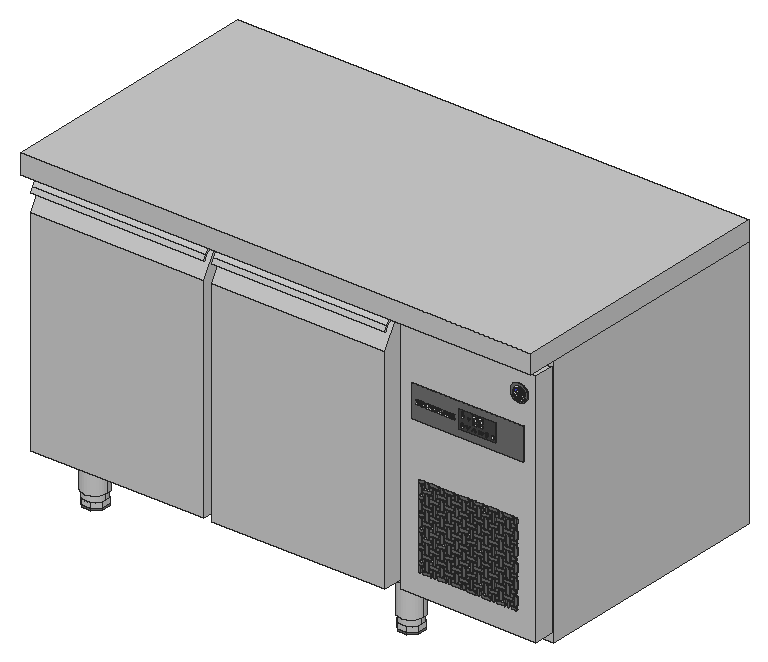
Revit family "QF_HOSHIZAKI_889000822", category Specialty Equipment, Revit 2016 (continued)
Definition of nested family "QF_HOSHIZAKI_ADVANCE_REF-COUNTER-DOORS-DRAWERS"
  Nested families
    nested 6: "Right_Glass_Door" at (0, 0, 0), Section size <- "Section size", type "Right glass door"
      with Worktop thickness 40 mm, Section size 446 mm, Legs height 0 mm, Height Actual 750 mm, Depth Actual 0 mm
    nested 7: "Left_Glass_Door" at (0, 0, 0), Section size <- "Section size", type "Left glass door"
      with Worktop thickness 40 mm, Section size 446 mm, Legs height 0 mm, Height Actual 750 mm, Depth Actual 0 mm
  Definition of nested family "Right_Door"
    Parameters (values of type "Right door")
      Worktop thickness [instance] = 50 mm
      URL = "www.specifiglobal.com"
      Section size [instance] = 446 mm
      Right hand hinged door = yes
      Model = ""
      Manufacturer = "DEMO CONSULTANT"
      Legs height [instance] = 150 mm
      Height Actual [instance] = 850 mm
      Description = ""
      Depth Actual [instance] = 700 mm
      Assembly Code = "E1090320"
    Reference planes
      plane 1 "Back": y = 0
      plane 2: z = 0
      plane 3 "Left": x = 0
      plane 4 "Right": x = 446
      plane 5 "Front": y = -700
      plane 6 "Top": z = 850
      plane 7 "Front door": y = -633
      plane 8 "Bottom shelf": z = 150
      plane 9 "Worktop bottom": z = 800
      plane 10: z = 784
      plane 11: z = 170
    Forms (mm)
      Extrusion 1, solid, visible <- "Right hand hinged door", detail levels coarse
        sketch origin (0, -608.657, 170) x (0, 1, 0) y (-1, 0, 0)
          loop
            arc (-85.343, 0) -> (-400.712, -130.63) -> (-531.343, -446) r 446
            line (-531.343, -446) -> (-85.343, -446) -> (-85.343, 0)
        from 0 to 614
      Extrusion 2, solid, visible <- "Right hand hinged door"
        sketch origin (860, -633, 4000) x (-1, 0, 0) y (0, 0, 1)
          loop
            line (852, -3224) -> (422, -3224) -> (422, -3822) -> (852, -3822) -> (852, -3224)
          loop
            line (823, -3253) -> (451, -3253) -> (451, -3793) -> (823, -3793) -> (823, -3253)
        from 0 to -11
      Extrusion 3, solid, visible <- "Right hand hinged door"
        sketch origin (0, 0, 0) x (0, 1, 0) y (0, 0, 1)
          loop
            line (-644, 784) -> (-675.296, 784)
            arc (-675.296, 784) -> (-683.245, 781.721) -> (-688.778, 775.576) r 15
            line (-688.778, 775.576) -> (-694, 764.869) -> (-692.202, 763.992) -> (-686.981, 774.699)
            arc (-686.981, 774.699) -> (-682.185, 780.025) -> (-675.296, 782) r 13
            line (-675.296, 782) -> (-656.484, 782) -> (-694, 717.02) -> (-694, 170) -> (-644, 170) -> (-644, 784)
        from 0 to 446
    Lines and regions (mm)
      symbolic lines, visible <- "Right hand hinged door"
        curve 1: line (446, -700, 850) -> (446, -1140, 850)
        curve 2: arc (0.04, -700, 850) -> (132.759, -1011.484, 850) -> (446, -1140, 850) r 446
    Dimensions and locks
      "Section size": plane 3 "Left" to plane 4 "Right"
      "Depth Actual": plane 5 "Front" to plane 1 "Back"
      "Height Actual": plane 6 "Top" to level
      locked: plane 7 "Front door" to plane 5 "Front" at 67
      "Legs height": plane 8 "Bottom shelf" to plane 2
      "Worktop thickness": plane 6 "Top" to plane 9 "Worktop bottom"
      locked: plane 11 to plane 8 "Bottom shelf" at 20
      locked: plane 9 "Worktop bottom" to plane 10 at 16
      aligned and locked: level to plane 2
      aligned and locked: Extrusion 1 to plane 10
      aligned and locked: Extrusion 3 to plane 4 "Right"
      aligned and locked: curve 2 to Extrusion 1
      aligned and locked: plane 10 to Extrusion 3 sketch curve
      aligned and locked: Extrusion 3 sketch curve to plane 11
    Automatic sketch dimensions
      plane 4 "Right" to Extrusion 2 sketch curve = 8 mm
      plane 4 "Right" to Extrusion 2 sketch curve = 37 mm
      plane 3 "Left" to Extrusion 2 sketch curve = 37 mm
      plane 3 "Left" to Extrusion 2 sketch curve = 8 mm
      plane 11 to Extrusion 2 sketch curve = 8 mm
      plane 11 to Extrusion 2 sketch curve = 37 mm
      Extrusion 2 sketch curve to plane 10 = 37 mm
      Extrusion 2 sketch curve to plane 10 = 8 mm
      Extrusion 1 sketch curve to plane 4 "Right" = 0 mm
      Extrusion 1 sketch curve to plane 3 "Left" = 0 mm
      plane 5 "Front" to Extrusion 1 sketch curve = 6 mm
      curve 1 to plane 5 "Front" = 0 mm
      curve 2 to plane 5 "Front" = 0 mm
      Extrusion 3 sketch curve to Extrusion 3 sketch curve = 0 mm  (x2)
      Extrusion 3 sketch curve to plane 7 "Front door" = 61 mm  (x2)
      Extrusion 3 sketch curve to Extrusion 3 sketch curve = 1.798 mm  (x2)
      Extrusion 3 sketch curve to plane 10 = 8.424 mm
      Extrusion 3 sketch curve to Extrusion 3 sketch curve = 5.222 mm
      Extrusion 3 sketch curve to plane 10 = 9.301 mm
      Extrusion 3 sketch curve to plane 7 "Front door" = 42.296 mm
      Extrusion 3 sketch curve to plane 7 "Front door" = 23.484 mm
      Extrusion 3 sketch curve to Extrusion 3 sketch curve = 12.484 mm
      Extrusion 3 sketch curve to Extrusion 3 sketch curve = 46.972 mm
  Definition of nested family "Left_Door"
    Parameters (values of type "Left door")
      Worktop thickness [instance] = 50 mm
      URL = "www.specifiglobal.com"
      Section size [instance] = 450 mm
      Model = ""
      Manufacturer = "DEMO CONSULTANT"
      Legs height [instance] = 150 mm
      Left hand hinged door = yes
      Height Actual [instance] = 850 mm
      Description = ""
      Depth Actual [instance] = 700 mm
      Assembly Code = "E1090320"
    Reference planes
      plane 1 "Back": y = 0
      plane 2: z = 0
      plane 3 "Left": x = 0
      plane 4 "Right": x = 450
      plane 5 "Front": y = -700
      plane 6 "Top": z = 850
      plane 7 "Front door": y = -633
      plane 8 "Bottom shelf": z = 150
      plane 9 "Worktop bottom": z = 800
      plane 10: z = 784
      plane 11: z = 170
    Forms (mm)
      Extrusion 1, solid, visible <- "Left hand hinged door"
        sketch origin (860, -633, 4000) x (-1, 0, 0) y (0, 0, 1)
          loop
            line (852, -3224) -> (418, -3224) -> (418, -3822) -> (852, -3822) -> (852, -3224)
          loop
            line (823, -3253) -> (447, -3253) -> (447, -3793) -> (823, -3793) -> (823, -3253)
        from 0 to -11
      Extrusion 2, solid, visible <- "Left hand hinged door"
        sketch origin (0, 0, 0) x (0, 1, 0) y (0, 0, 1)
          loop
            line (-644, 784) -> (-675.296, 784)
            arc (-675.296, 784) -> (-683.245, 781.721) -> (-688.778, 775.576) r 15
            line (-688.778, 775.576) -> (-694, 764.869) -> (-692.202, 763.992) -> (-686.981, 774.699)
            arc (-686.981, 774.699) -> (-682.185, 780.025) -> (-675.296, 782) r 13
            line (-675.296, 782) -> (-656.484, 782) -> (-694, 717.02) -> (-694, 170) -> (-644, 170) -> (-644, 784)
        from 0 to 450
      Extrusion 3, solid, visible <- "Left hand hinged door", detail levels coarse
        sketch origin (0, -608.657, 170) x (0, 1, 0) y (-1, 0, 0)
          loop
            line (-85.343, -450) -> (-85.343, 0) -> (-535.343, 0)
            arc (-535.343, 0) -> (-403.541, -318.198) -> (-85.343, -450) r 450
        from 0 to 614
    Lines and regions (mm)
      symbolic lines, visible <- "Left hand hinged door"
        curve 1: line (0, -700, 850) -> (0, -1144, 850)
        curve 2: arc (0, -1144, 850) -> (316.07, -1014.312, 850) -> (449.96, -700, 850) r 450
    Dimensions and locks
      "Section size": plane 3 "Left" to plane 4 "Right"
      "Depth Actual": plane 5 "Front" to plane 1 "Back"
      "Height Actual": plane 6 "Top" to level
      locked: plane 7 "Front door" to plane 5 "Front" at 67
      "Legs height": plane 8 "Bottom shelf" to plane 2
      "Worktop thickness": plane 6 "Top" to plane 9 "Worktop bottom"
      locked: plane 11 to plane 8 "Bottom shelf" at 20
      locked: plane 9 "Worktop bottom" to plane 10 at 16
      aligned and locked: level to plane 2
      aligned and locked: Extrusion 2 to plane 4 "Right"
      aligned and locked: Extrusion 3 to plane 10
      aligned and locked: curve 2 to Extrusion 3
      aligned and locked: plane 10 to Extrusion 2 sketch curve
      aligned and locked: Extrusion 2 sketch curve to plane 11
    Automatic sketch dimensions
      plane 4 "Right" to Extrusion 1 sketch curve = 8 mm
      plane 4 "Right" to Extrusion 1 sketch curve = 37 mm
      plane 3 "Left" to Extrusion 1 sketch curve = 37 mm
      plane 3 "Left" to Extrusion 1 sketch curve = 8 mm
      plane 11 to Extrusion 1 sketch curve = 8 mm
      plane 11 to Extrusion 1 sketch curve = 37 mm
      Extrusion 1 sketch curve to plane 10 = 37 mm
      Extrusion 1 sketch curve to plane 10 = 8 mm
      Extrusion 3 sketch curve to plane 3 "Left" = 0 mm
      Extrusion 3 sketch curve to plane 4 "Right" = 0 mm
      plane 5 "Front" to Extrusion 3 sketch curve = 6 mm
      curve 1 to plane 5 "Front" = 0 mm
      curve 2 to plane 5 "Front" = 0 mm
      Extrusion 2 sketch curve to Extrusion 2 sketch curve = 0 mm  (x2)
      plane 5 "Front" to Extrusion 2 sketch curve = 6 mm  (x2)
      Extrusion 2 sketch curve to Extrusion 2 sketch curve = 1.798 mm
      plane 5 "Front" to Extrusion 2 sketch curve = 11.222 mm
      Extrusion 2 sketch curve to Extrusion 2 sketch curve = 11.684 mm
      Extrusion 2 sketch curve to Extrusion 2 sketch curve = 18.812 mm
      Extrusion 2 sketch curve to plane 7 "Front door" = 11 mm
      Extrusion 2 sketch curve to plane 10 = 66.98 mm
      Extrusion 2 sketch curve to plane 10 = 20.008 mm
      Extrusion 2 sketch curve to Extrusion 2 sketch curve = 0.877 mm  (x2)
  Definition of nested family "3_Drawers_1-3"
    Parameters (values of type "3 Drawers 1-3")
      Worktop thickness [instance] = 50 mm
      URL = "www.specifiglobal.com"
      Section size [instance] = 446 mm
      Model = ""
      Manufacturer = "DEMO CONSULTANT"
      Legs height [instance] = 150 mm
      Height Actual [instance] = 850 mm
      Description = ""
      Depth Actual [instance] = 700 mm
      Assembly Code = "E1090320"
      3 Drawers = yes
    Reference planes
      plane 1 "Back": y = 0
      plane 2: z = 0
      plane 3 "Left": x = 0
      plane 4 "Right": x = 446
      plane 5 "Front": y = -700
      plane 6 "Top": z = 850
      plane 7 "Front door": y = -633
      plane 8 "Bottom shelf": z = 150
      plane 9 "Worktop bottom": z = 800
      plane 10: z = 784
      plane 11: z = 170
      plane 12: z = 584
      plane 13: z = 577
      plane 14: z = 370
      plane 15: z = 377
      plane 16: z = 580.5
      plane 17: z = 373.5
      plane 18: z = 166.5
      plane 19: z = 787.5
    Forms (mm)
      Extrusion 1, solid, visible <- "3 Drawers"
        sketch origin (860, -633, 4000) x (-1, 0, 0) y (0, 0, 1)
          loop
            line (852, -3224) -> (422, -3224) -> (422, -3408) -> (852, -3408) -> (852, -3224)
          loop
            line (823, -3253) -> (451, -3253) -> (451, -3379) -> (823, -3379) -> (823, -3253)
        from 0 to -11
      Extrusion 2, solid, visible <- "3 Drawers"
        sketch origin (0, 0, 0) x (0, 1, 0) y (0, 0, 1)
          loop
            line (-644, 784) -> (-675.296, 784)
            arc (-675.296, 784) -> (-683.245, 781.721) -> (-688.778, 775.576) r 15
            line (-688.778, 775.576) -> (-694, 764.869) -> (-692.202, 763.992) -> (-686.981, 774.699)
            arc (-686.981, 774.699) -> (-682.185, 780.025) -> (-675.296, 782) r 13
            line (-675.296, 782) -> (-656.484, 782) -> (-694, 717.02) -> (-694, 584) -> (-644, 584) -> (-644, 784)
        from 0 to 446
      Extrusion 3, solid, visible <- "3 Drawers"
        sketch origin (0, 0, -237.3) x (0, 1, 0) y (0, 0, 1)
          loop
            line (-644, 814.3) -> (-675.296, 814.3)
            arc (-675.296, 814.3) -> (-683.245, 812.021) -> (-688.778, 805.876) r 15
            line (-688.778, 805.876) -> (-694, 795.169) -> (-692.202, 794.292) -> (-686.981, 804.999)
            arc (-686.981, 804.999) -> (-682.185, 810.325) -> (-675.296, 812.3) r 13
            line (-675.296, 812.3) -> (-656.484, 812.3) -> (-694, 747.32) -> (-694, 614.3) -> (-644, 614.3) -> (-644, 814.3)
        from 0 to 446
      Extrusion 4, solid, visible <- "3 Drawers"
        sketch origin (0, 0, -463.333) x (0, 1, 0) y (0, 0, 1)
          loop
            line (-644, 833.333) -> (-675.296, 833.333)
            arc (-675.296, 833.333) -> (-683.245, 831.054) -> (-688.778, 824.909) r 15
            line (-688.778, 824.909) -> (-694, 814.202) -> (-692.202, 813.326) -> (-686.981, 824.032)
            arc (-686.981, 824.032) -> (-682.185, 829.358) -> (-675.296, 831.333) r 13
            line (-675.296, 831.333) -> (-656.484, 831.333) -> (-694, 766.353) -> (-694, 633.333) -> (-644, 633.333) -> (-644, 833.333)
        from 0 to 446
      Extrusion 5, solid, visible <- "3 Drawers"
        sketch origin (860, -633, 3773.7) x (-1, 0, 0) y (0, 0, 1)
          loop
            line (852, -3204.7) -> (422, -3204.7) -> (422, -3388.7) -> (852, -3388.7) -> (852, -3204.7)
          loop
            line (823, -3233.7) -> (451, -3233.7) -> (451, -3359.7) -> (823, -3359.7) -> (823, -3233.7)
        from 0 to -11
      Extrusion 6, solid, visible <- "3 Drawers"
        sketch origin (860, -633, 3547) x (-1, 0, 0) y (0, 0, 1)
          loop
            line (852, -3185) -> (422, -3185) -> (422, -3369) -> (852, -3369) -> (852, -3185)
          loop
            line (823, -3214) -> (451, -3214) -> (451, -3340) -> (823, -3340) -> (823, -3214)
        from 0 to -11
      Extrusion 7, solid, visible <- "3 Drawers", detail levels coarse
        sketch origin (0, -608.657, 584) x (0, 1, 0) y (-1, 0, 0)
          loop
            line (-85.343, 0) -> (-551.343, 0) -> (-551.343, -446) -> (-85.343, -446) -> (-85.343, 0)
        from 0 to 200
      Extrusion 8, solid, visible <- "3 Drawers", detail levels coarse
        sketch origin (0, -503.657, 377) x (0, 1, 0) y (-1, 0, 0)
          loop
            line (-190.343, 0) -> (-656.343, 0) -> (-656.343, -446) -> (-190.343, -446) -> (-190.343, 0)
        from 0 to 200
      Extrusion 9, solid, visible <- "3 Drawers", detail levels coarse
        sketch origin (0, -343.657, 170) x (0, 1, 0) y (-1, 0, 0)
          loop
            line (-350.343, 0) -> (-816.343, 0) -> (-816.343, -446) -> (-350.343, -446) -> (-350.343, 0)
        from 0 to 200
    Lines and regions (mm)
      symbolic lines, visible <- "3 Drawers"
        curve 1: line (0, -808, 850) -> (0, -854, 850)
        curve 2: line (0, -854, 850) -> (446, -854, 850)
        curve 3: line (446, -854, 850) -> (446, -808, 850)
        curve 4: line (446, -808, 850) -> (0, -808, 850)
        curve 5: line (416, -808, 850) -> (416, -700, 850)
        curve 6: line (30, -808, 850) -> (30, -700, 850)
        curve 7: line (0, -961, 850) -> (0, -1007, 850)
        curve 8: line (0, -1007, 850) -> (446, -1007, 850)
        curve 9: line (446, -1007, 850) -> (446, -961, 850)
        curve 10: line (446, -961, 850) -> (0, -961, 850)
        curve 11: line (416, -961, 850) -> (416, -854, 850)
        curve 12: line (30, -961, 850) -> (30, -854, 850)
        curve 13: line (0, -1114, 850) -> (0, -1160, 850)
        curve 14: line (0, -1160, 850) -> (446, -1160, 850)
        curve 15: line (446, -1160, 850) -> (446, -1114, 850)
        curve 16: line (446, -1114, 850) -> (0, -1114, 850)
        curve 17: line (416, -1114, 850) -> (416, -1007, 850)
        curve 18: line (30, -1114, 850) -> (30, -1007, 850)
    Dimensions and locks
      "Section size": plane 3 "Left" to plane 4 "Right"
      "Depth Actual": plane 5 "Front" to plane 1 "Back"
      "Height Actual": plane 6 "Top" to level
      locked: plane 7 "Front door" to plane 5 "Front" at 67
      "Legs height": plane 8 "Bottom shelf" to plane 2
      "Worktop thickness": plane 6 "Top" to plane 9 "Worktop bottom"
      locked: plane 11 to plane 8 "Bottom shelf" at 20
      locked: plane 9 "Worktop bottom" to plane 10 at 16
      locked: plane 12 to plane 13 at 7
      locked: plane 15 to plane 14 at 7
      locked: plane 11 to plane 18 at 3.5
      equal spacing: plane 12, plane 16, plane 13
      equal spacing: plane 15, plane 17, plane 14
      locked: plane 19 to plane 10 at 3.5
      equal spacing: plane 19, plane 16, plane 17, plane 18
      aligned and locked: level to plane 2
      aligned and locked: Extrusion 2 to plane 4 "Right"
      aligned and locked: Extrusion 3 to plane 4 "Right"
      aligned and locked: Extrusion 4 to plane 4 "Right"
      aligned and locked: plane 4 "Right" to Extrusion 7 sketch curve
      aligned and locked: plane 3 "Left" to Extrusion 7 sketch curve
      aligned and locked: Extrusion 7 to plane 10
      aligned and locked: Extrusion 8 to plane 13
      aligned and locked: Extrusion 9 to plane 14
      aligned and locked: plane 10 to Extrusion 2 sketch curve
      aligned and locked: Extrusion 2 sketch curve to plane 12
      aligned and locked: Extrusion 3 sketch curve to plane 15
      aligned and locked: plane 13 to Extrusion 3 sketch curve
    Automatic sketch dimensions
      plane 4 "Right" to Extrusion 1 sketch curve = 8 mm
      plane 4 "Right" to Extrusion 1 sketch curve = 37 mm
      plane 3 "Left" to Extrusion 1 sketch curve = 37 mm
      plane 3 "Left" to Extrusion 1 sketch curve = 8 mm
      plane 12 to Extrusion 1 sketch curve = 8 mm
      plane 12 to Extrusion 1 sketch curve = 37 mm
      Extrusion 1 sketch curve to plane 10 = 37 mm
      Extrusion 1 sketch curve to plane 10 = 8 mm
      plane 4 "Right" to Extrusion 5 sketch curve = 8 mm
      plane 4 "Right" to Extrusion 5 sketch curve = 37 mm
      plane 3 "Left" to Extrusion 5 sketch curve = 37 mm
      plane 3 "Left" to Extrusion 5 sketch curve = 8 mm
      plane 15 to Extrusion 5 sketch curve = 8 mm
      plane 15 to Extrusion 5 sketch curve = 37 mm
      Extrusion 5 sketch curve to plane 13 = 37 mm
      Extrusion 5 sketch curve to plane 13 = 8 mm
      plane 4 "Right" to Extrusion 6 sketch curve = 8 mm
      plane 4 "Right" to Extrusion 6 sketch curve = 37 mm
      plane 3 "Left" to Extrusion 6 sketch curve = 37 mm
      plane 3 "Left" to Extrusion 6 sketch curve = 8 mm
      plane 11 to Extrusion 6 sketch curve = 8 mm
      plane 11 to Extrusion 6 sketch curve = 37 mm
      Extrusion 6 sketch curve to plane 14 = 37 mm
      Extrusion 6 sketch curve to plane 14 = 8 mm
      Extrusion 7 sketch curve to plane 5 "Front" = 460 mm
      plane 5 "Front" to Extrusion 7 sketch curve = 6 mm
      Extrusion 8 sketch curve to plane 3 "Left" = 0 mm
      Extrusion 8 sketch curve to plane 4 "Right" = 0 mm
      Extrusion 8 sketch curve to plane 5 "Front" = 460 mm
      plane 5 "Front" to Extrusion 8 sketch curve = 6 mm
      Extrusion 9 sketch curve to plane 3 "Left" = 0 mm
      Extrusion 9 sketch curve to plane 4 "Right" = 0 mm
      Extrusion 9 sketch curve to plane 5 "Front" = 460 mm
      plane 5 "Front" to Extrusion 9 sketch curve = 6 mm
      curve 13 to plane 3 "Left" = 0 mm
      curve 14 to plane 4 "Right" = 0 mm
      curve 7 to plane 3 "Left" = 0 mm
      curve 8 to plane 4 "Right" = 0 mm
      curve 1 to plane 3 "Left" = 0 mm
      curve 3 to plane 4 "Right" = 0 mm
      curve 6 to plane 5 "Front" = 0 mm
      curve 5 to plane 5 "Front" = 0 mm
      curve 1 to plane 5 "Front" = 108 mm
      curve 2 to curve 3 = 46 mm
      curve 7 to curve 1 = 107 mm
      curve 9 to curve 9 = 46 mm
      curve 16 to curve 7 = 107 mm
      curve 14 to curve 13 = 46 mm
      curve 8 to curve 17 = 30 mm
      curve 9 to curve 11 = 30 mm
      curve 3 to curve 5 = 30 mm
      plane 3 "Left" to curve 6 = 30 mm
      plane 3 "Left" to curve 18 = 30 mm
      plane 3 "Left" to curve 12 = 30 mm
      Extrusion 2 sketch curve to Extrusion 2 sketch curve = 0 mm  (x3)
      plane 5 "Front" to Extrusion 2 sketch curve = 6 mm  (x2)
      Extrusion 2 sketch curve to Extrusion 2 sketch curve = 1.798 mm  (x2)
      Extrusion 2 sketch curve to Extrusion 2 sketch curve = 11.684 mm
      plane 5 "Front" to Extrusion 2 sketch curve = 43.516 mm
      plane 5 "Front" to Extrusion 2 sketch curve = 56 mm
      Extrusion 2 sketch curve to plane 10 = 66.98 mm
      Extrusion 3 sketch curve to Extrusion 3 sketch curve = 0 mm  (x4)
      Extrusion 3 sketch curve to Extrusion 3 sketch curve = 1.798 mm  (x2)
      plane 5 "Front" to Extrusion 3 sketch curve = 11.222 mm
      Extrusion 3 sketch curve to Extrusion 3 sketch curve = 18.812 mm
      Extrusion 3 sketch curve to plane 7 "Front door" = 11 mm
      Extrusion 3 sketch curve to Extrusion 3 sketch curve = 46.972 mm
      Extrusion 4 sketch curve to Extrusion 4 sketch curve = 0 mm  (x2)
      Extrusion 4 sketch curve to plane 11 = 0 mm
      Extrusion 4 sketch curve to plane 14 = 0 mm
      Extrusion 4 sketch curve to plane 7 "Front door" = 61 mm  (x2)
      Extrusion 4 sketch curve to Extrusion 4 sketch curve = 1.798 mm  (x2)
      Extrusion 4 sketch curve to plane 14 = 8.424 mm
      Extrusion 4 sketch curve to Extrusion 4 sketch curve = 5.222 mm
      Extrusion 4 sketch curve to plane 14 = 9.301 mm
      Extrusion 4 sketch curve to plane 7 "Front door" = 42.296 mm
      Extrusion 4 sketch curve to plane 7 "Front door" = 23.484 mm
      Extrusion 4 sketch curve to plane 7 "Front door" = 11 mm
      Extrusion 4 sketch curve to Extrusion 4 sketch curve = 46.972 mm
      plane 5 "Front" to Extrusion 2 sketch curve = 11.222 mm
      plane 5 "Front" to Extrusion 3 sketch curve = 7.798 mm
      plane 5 "Front" to Extrusion 3 sketch curve = 6 mm
      Extrusion 3 sketch curve to Extrusion 3 sketch curve = 11.684 mm
      Extrusion 3 sketch curve to Extrusion 3 sketch curve = 66.98 mm
      Extrusion 3 sketch curve to Extrusion 3 sketch curve = 0.877 mm
      Extrusion 2 sketch curve to plane 10 = 20.008 mm
      Extrusion 2 sketch curve to Extrusion 2 sketch curve = 0.877 mm
  Definition of nested family "2_Drawers_1-2"
    Parameters (values of type "2 Drawers 1-2")
      Worktop thickness [instance] = 50 mm
      URL = "www.specifiglobal.com"
      Section size [instance] = 446 mm
      Model = ""
      Manufacturer = "DEMO CONSULTANT"
      Legs height [instance] = 150 mm
      Height Actual [instance] = 850 mm
      Description = ""
      Depth Actual [instance] = 700 mm
      Assembly Code = "E1090320"
      2 Drawers = yes
    Reference planes
      plane 1 "Back": y = 0
      plane 2: z = 0
      plane 3 "Left": x = 0
      plane 4 "Right": x = 446
      plane 5 "Front": y = -700
      plane 6 "Top": z = 850
      plane 7 "Front door": y = -633
      plane 8 "Bottom shelf": z = 150
      plane 9 "Worktop bottom": z = 800
      plane 10: z = 784
      plane 11: z = 170
      plane 12: z = 481
      plane 13: z = 473
      plane 14: z = 477
      plane 15: z = 792
      plane 16: z = 160
    Forms (mm)
      Extrusion 1, solid, visible <- "2 Drawers"
        sketch origin (860, -633, 4000) x (-1, 0, 0) y (0, 0, 1)
          loop
            line (852, -3224) -> (422, -3224) -> (422, -3511) -> (852, -3511) -> (852, -3224)
          loop
            line (823, -3253) -> (451, -3253) -> (451, -3482) -> (823, -3482) -> (823, -3253)
        from 0 to -11
      Extrusion 2, solid, visible <- "2 Drawers"
        sketch origin (0, 0, 0) x (0, 1, 0) y (0, 0, 1)
          loop
            line (-644, 784) -> (-675.296, 784)
            arc (-675.296, 784) -> (-683.245, 781.721) -> (-688.778, 775.576) r 15
            line (-688.778, 775.576) -> (-694, 764.869) -> (-692.202, 763.992) -> (-686.981, 774.699)
            arc (-686.981, 774.699) -> (-682.185, 780.025) -> (-675.296, 782) r 13
            line (-675.296, 782) -> (-656.484, 782) -> (-694, 717.02) -> (-694, 481) -> (-644, 481) -> (-644, 784)
        from 0 to 446
      Extrusion 3, solid, visible <- "2 Drawers"
        sketch origin (0, 0, -463.333) x (0, 1, 0) y (0, 0, 1)
          loop
            line (-644, 936.333) -> (-675.296, 936.333)
            arc (-675.296, 936.333) -> (-683.245, 934.054) -> (-688.778, 927.909) r 15
            line (-688.778, 927.909) -> (-694, 917.202) -> (-692.202, 916.326) -> (-686.981, 927.032)
            arc (-686.981, 927.032) -> (-682.185, 932.358) -> (-675.296, 934.333) r 13
            line (-675.296, 934.333) -> (-656.484, 934.333) -> (-694, 869.353) -> (-694, 633.333) -> (-644, 633.333) -> (-644, 936.333)
        from 0 to 446
      Extrusion 4, solid, visible <- "2 Drawers"
        sketch origin (860, -633, 3547) x (-1, 0, 0) y (0, 0, 1)
          loop
            line (852, -3082) -> (422, -3082) -> (422, -3369) -> (852, -3369) -> (852, -3082)
          loop
            line (823, -3111) -> (451, -3111) -> (451, -3340) -> (823, -3340) -> (823, -3111)
        from 0 to -11
      Extrusion 5, solid, visible <- "2 Drawers", detail levels coarse
        sketch origin (0, -608.657, 481) x (0, 1, 0) y (-1, 0, 0)
          loop
            line (-85.343, 0) -> (-551.343, 0) -> (-551.343, -446) -> (-85.343, -446) -> (-85.343, 0)
        from 0 to 303
      Extrusion 6, solid, visible <- "2 Drawers", detail levels coarse
        sketch origin (0, -343.657, 170) x (0, 1, 0) y (-1, 0, 0)
          loop
            line (-350.343, 0) -> (-816.343, 0) -> (-816.343, -446) -> (-350.343, -446) -> (-350.343, 0)
        from 0 to 303
    Lines and regions (mm)
      symbolic lines, visible <- "2 Drawers"
        curve 1: line (0, -884, 850) -> (0, -930, 850)
        curve 2: line (0, -930, 850) -> (446, -930, 850)
        curve 3: line (446, -930, 850) -> (446, -884, 850)
        curve 4: line (446, -884, 850) -> (0, -884, 850)
        curve 5: line (416, -884, 850) -> (416, -700, 850)
        curve 6: line (30, -884, 850) -> (30, -700, 850)
        curve 7: line (0, -1114, 850) -> (0, -1160, 850)
        curve 8: line (0, -1160, 850) -> (446, -1160, 850)
        curve 9: line (446, -1160, 850) -> (446, -1114, 850)
        curve 10: line (446, -1114, 850) -> (0, -1114, 850)
        curve 11: line (416, -1114, 850) -> (416, -930, 850)
        curve 12: line (30, -1114, 850) -> (30, -930, 850)
    Dimensions and locks
      "Section size": plane 3 "Left" to plane 4 "Right"
      "Depth Actual": plane 5 "Front" to plane 1 "Back"
      "Height Actual": plane 6 "Top" to level
      locked: plane 7 "Front door" to plane 5 "Front" at 67
      "Legs height": plane 8 "Bottom shelf" to plane 2
      "Worktop thickness": plane 6 "Top" to plane 9 "Worktop bottom"
      locked: plane 11 to plane 8 "Bottom shelf" at 20
      locked: plane 9 "Worktop bottom" to plane 10 at 16
      equal spacing: plane 9 "Worktop bottom", plane 15, plane 10
      equal spacing: plane 11, plane 16, plane 8 "Bottom shelf"
      plane 12 to plane 13 = 8 mm
      equal spacing: plane 12, plane 14, plane 13
      equal spacing: plane 10, plane 14, plane 11
      aligned and locked: level to plane 2
      aligned and locked: Extrusion 2 to plane 4 "Right"
      aligned and locked: Extrusion 3 to plane 4 "Right"
      aligned and locked: plane 4 "Right" to Extrusion 5 sketch curve
      aligned and locked: plane 3 "Left" to Extrusion 5 sketch curve
      aligned and locked: Extrusion 5 to plane 10
      aligned and locked: Extrusion 6 to plane 13
      aligned and locked: Extrusion 2 sketch curve to plane 12
      aligned and locked: plane 10 to Extrusion 2 sketch curve
      aligned and locked: Extrusion 3 sketch curve to plane 11
      aligned and locked: plane 13 to Extrusion 3 sketch curve
    Automatic sketch dimensions
      plane 4 "Right" to Extrusion 1 sketch curve = 8 mm
      plane 4 "Right" to Extrusion 1 sketch curve = 37 mm
      plane 3 "Left" to Extrusion 1 sketch curve = 37 mm
      plane 3 "Left" to Extrusion 1 sketch curve = 8 mm
      plane 12 to Extrusion 1 sketch curve = 8 mm
      plane 12 to Extrusion 1 sketch curve = 37 mm
      Extrusion 1 sketch curve to plane 10 = 37 mm
      Extrusion 1 sketch curve to plane 10 = 8 mm
      plane 4 "Right" to Extrusion 4 sketch curve = 8 mm
      plane 4 "Right" to Extrusion 4 sketch curve = 37 mm
      plane 3 "Left" to Extrusion 4 sketch curve = 37 mm
      plane 3 "Left" to Extrusion 4 sketch curve = 8 mm
      plane 11 to Extrusion 4 sketch curve = 8 mm
      plane 11 to Extrusion 4 sketch curve = 37 mm
      Extrusion 4 sketch curve to plane 13 = 37 mm
      Extrusion 4 sketch curve to plane 13 = 8 mm
      Extrusion 5 sketch curve to plane 5 "Front" = 460 mm
      plane 5 "Front" to Extrusion 5 sketch curve = 6 mm
      Extrusion 6 sketch curve to plane 3 "Left" = 0 mm
      Extrusion 6 sketch curve to plane 4 "Right" = 0 mm
      Extrusion 6 sketch curve to plane 5 "Front" = 460 mm
      plane 5 "Front" to Extrusion 6 sketch curve = 6 mm
      curve 8 to plane 3 "Left" = 0 mm
      curve 8 to plane 4 "Right" = 0 mm
      curve 3 to plane 4 "Right" = 0 mm
      curve 1 to plane 3 "Left" = 0 mm
      curve 5 to plane 5 "Front" = 0 mm
      curve 6 to plane 5 "Front" = 0 mm
      curve 4 to plane 5 "Front" = 184 mm
      curve 2 to curve 1 = 46 mm
      curve 7 to curve 1 = 184 mm
      curve 9 to curve 9 = 46 mm
      plane 4 "Right" to curve 5 = 30 mm
      plane 4 "Right" to curve 11 = 30 mm
      plane 3 "Left" to curve 12 = 30 mm
      plane 3 "Left" to curve 6 = 30 mm
      Extrusion 2 sketch curve to Extrusion 2 sketch curve = 0 mm  (x2)
      plane 5 "Front" to Extrusion 2 sketch curve = 6 mm  (x2)
      Extrusion 2 sketch curve to Extrusion 2 sketch curve = 1.798 mm  (x2)
      Extrusion 2 sketch curve to Extrusion 2 sketch curve = 5.222 mm
      plane 5 "Front" to Extrusion 2 sketch curve = 24.704 mm
      plane 5 "Front" to Extrusion 2 sketch curve = 43.516 mm
      plane 5 "Front" to Extrusion 2 sketch curve = 56 mm
      Extrusion 2 sketch curve to Extrusion 2 sketch curve = 46.972 mm
      Extrusion 2 sketch curve to Extrusion 2 sketch curve = 0.877 mm
      Extrusion 2 sketch curve to Extrusion 2 sketch curve = 5.699 mm
      plane 5 "Front" to Extrusion 3 sketch curve = 6 mm  (x2)
      Extrusion 3 sketch curve to Extrusion 3 sketch curve = 1.798 mm  (x2)
      Extrusion 3 sketch curve to Extrusion 3 sketch curve = 5.222 mm
      Extrusion 3 sketch curve to Extrusion 3 sketch curve = 11.684 mm
      plane 5 "Front" to Extrusion 3 sketch curve = 43.516 mm
      plane 5 "Front" to Extrusion 3 sketch curve = 56 mm
      Extrusion 3 sketch curve to Extrusion 3 sketch curve = 46.972 mm
      Extrusion 3 sketch curve to Extrusion 3 sketch curve = 0 mm  (x2)
      Extrusion 3 sketch curve to Extrusion 3 sketch curve = 5.699 mm
      Extrusion 3 sketch curve to Extrusion 3 sketch curve = 0.877 mm
  Definition of nested family "3_Drawers_1-3_2-3"
    Parameters (values of type "2 Drawers 1-3 and 2-3")
      Worktop thickness [instance] = 40 mm
      URL = "www.specifiglobal.com"
      Section size [instance] = 421 mm
      Model = ""
      Manufacturer = "DEMO CONSULTANT"
      Legs height [instance] = 150 mm
      Height Actual [instance] = 900 mm
      Description = ""
      Depth Actual [instance] = 700 mm
      Assembly Code = "E1090320"
      2 Drawers 1-3 and 2-3 = yes
    Reference planes
      plane 1 "Back": y = 0
      plane 2: z = 0
      plane 3 "Left": x = 0
      plane 4 "Right": x = 421
      plane 5 "Front": y = -700
      plane 6 "Top": z = 900
      plane 7 "Front door": y = -633
      plane 8 "Bottom shelf": z = 150
      plane 9 "Worktop bottom": z = 860
      plane 10: z = 841
      plane 11: z = 186
      plane 12: z = 627
      plane 13: z = 620
      plane 14: z = 623.5
      plane 15: z = 850.5
      plane 16: z = 168
    Forms (mm)
      Extrusion 1, solid, visible <- "2 Drawers 1-3 and 2-3"
        sketch origin (860, -633, 4000) x (-1, 0, 0) y (0, 0, 1)
          loop
            line (852, -3167) -> (447, -3167) -> (447, -3365) -> (852, -3365) -> (852, -3167)
          loop
            line (823, -3196) -> (476, -3196) -> (476, -3336) -> (823, -3336) -> (823, -3196)
        from 0 to -11
      Extrusion 2, solid, visible <- "2 Drawers 1-3 and 2-3"
        sketch origin (0, 0, 0) x (0, 1, 0) y (0, 0, 1)
          loop
            line (-644, 841) -> (-675.296, 841)
            arc (-675.296, 841) -> (-683.245, 838.721) -> (-688.778, 832.576) r 15
            line (-688.778, 832.576) -> (-694, 821.869) -> (-692.202, 820.992) -> (-686.981, 831.699)
            arc (-686.981, 831.699) -> (-682.185, 837.025) -> (-675.296, 839) r 13
            line (-675.296, 839) -> (-656.484, 839) -> (-694, 774.02) -> (-694, 627) -> (-644, 627) -> (-644, 841)
        from 0 to 421
      Extrusion 3, solid, visible <- "2 Drawers 1-3 and 2-3"
        sketch origin (0, 0, -463.333) x (0, 1, 0) y (0, 0, 1)
          loop
            line (-644, 1083.333) -> (-675.296, 1083.333)
            arc (-675.296, 1083.333) -> (-683.245, 1081.054) -> (-688.778, 1074.909) r 15
            line (-688.778, 1074.909) -> (-694, 1064.202) -> (-692.202, 1063.326) -> (-686.981, 1074.032)
            arc (-686.981, 1074.032) -> (-682.185, 1079.358) -> (-675.296, 1081.333) r 13
            line (-675.296, 1081.333) -> (-656.484, 1081.333) -> (-694, 1016.353) -> (-694, 649.333) -> (-644, 649.333) -> (-644, 1083.333)
        from 0 to 421
      Extrusion 4, solid, visible <- "2 Drawers 1-3 and 2-3"
        sketch origin (860, -633, 3547) x (-1, 0, 0) y (0, 0, 1)
          loop
            line (852, -2935) -> (447, -2935) -> (447, -3353) -> (852, -3353) -> (852, -2935)
          loop
            line (823, -2964) -> (476, -2964) -> (476, -3324) -> (823, -3324) -> (823, -2964)
        from 0 to -11
      Extrusion 5, solid, visible <- "2 Drawers 1-3 and 2-3", detail levels coarse
        sketch origin (0, -608.657, 627) x (0, 1, 0) y (-1, 0, 0)
          loop
            line (-85.343, 0) -> (-551.343, 0) -> (-551.343, -421) -> (-85.343, -421) -> (-85.343, 0)
        from 0 to 214
      Extrusion 6, solid, visible <- "2 Drawers 1-3 and 2-3", detail levels coarse
        sketch origin (0, -343.657, 186) x (0, 1, 0) y (-1, 0, 0)
          loop
            line (-350.343, 0) -> (-816.343, 0) -> (-816.343, -421) -> (-350.343, -421) -> (-350.343, 0)
        from 0 to 434
    Lines and regions (mm)
      symbolic lines, visible <- "2 Drawers 1-3 and 2-3"
        curve 1: line (0, -804, 900) -> (0, -850, 900)
        curve 2: line (0, -850, 900) -> (421, -850, 900)
        curve 3: line (421, -850, 900) -> (421, -804, 900)
        curve 4: line (421, -804, 900) -> (0, -804, 900)
        curve 5: line (391, -804, 900) -> (391, -700, 900)
        curve 6: line (30, -804, 900) -> (30, -700, 900)
        curve 7: line (0, -1114, 900) -> (0, -1160, 900)
        curve 8: line (0, -1160, 900) -> (421, -1160, 900)
        curve 9: line (421, -1160, 900) -> (421, -1114, 900)
        curve 10: line (421, -1114, 900) -> (0, -1114, 900)
        curve 11: line (391, -1114, 900) -> (391, -850, 900)
        curve 12: line (30, -1114, 900) -> (30, -850, 900)
    Dimensions and locks
      "Section size": plane 3 "Left" to plane 4 "Right"
      "Depth Actual": plane 5 "Front" to plane 1 "Back"
      "Height Actual": plane 6 "Top" to level
      locked: plane 7 "Front door" to plane 5 "Front" at 67
      "Legs height": plane 8 "Bottom shelf" to plane 2
      "Worktop thickness": plane 6 "Top" to plane 9 "Worktop bottom"
      locked: plane 11 to plane 8 "Bottom shelf" at 36
      locked: plane 9 "Worktop bottom" to plane 10 at 19
      locked: plane 12 to plane 13 at 7
      equal spacing: plane 9 "Worktop bottom", plane 15, plane 10
      equal spacing: plane 11, plane 16, plane 8 "Bottom shelf"
      locked: Extrusion 4 sketch curve to plane 13 at 37
      locked: Extrusion 4 sketch curve to plane 13 at 8
      equal spacing: plane 12, plane 14, plane 13
      locked: plane 10 to plane 12 at 214
      aligned and locked: level to plane 2
      aligned and locked: Extrusion 2 to plane 4 "Right"
      aligned and locked: Extrusion 3 to plane 4 "Right"
      aligned and locked: plane 4 "Right" to Extrusion 5 sketch curve
      aligned and locked: plane 3 "Left" to Extrusion 5 sketch curve
      aligned and locked: Extrusion 5 to plane 10
      aligned and locked: Extrusion 6 to plane 13
      aligned and locked: plane 10 to Extrusion 2 sketch curve
      aligned and locked: Extrusion 2 sketch curve to plane 12
      aligned and locked: Extrusion 3 sketch curve to plane 11
      aligned and locked: plane 13 to Extrusion 3 sketch curve
    Automatic sketch dimensions
      plane 4 "Right" to Extrusion 1 sketch curve = 8 mm
      plane 4 "Right" to Extrusion 1 sketch curve = 37 mm
      plane 3 "Left" to Extrusion 1 sketch curve = 37 mm
      plane 3 "Left" to Extrusion 1 sketch curve = 8 mm
      plane 12 to Extrusion 1 sketch curve = 8 mm
      plane 12 to Extrusion 1 sketch curve = 37 mm
      Extrusion 1 sketch curve to plane 10 = 37 mm
      Extrusion 1 sketch curve to plane 10 = 8 mm
      plane 4 "Right" to Extrusion 4 sketch curve = 8 mm
      plane 4 "Right" to Extrusion 4 sketch curve = 37 mm
      plane 3 "Left" to Extrusion 4 sketch curve = 37 mm
      plane 3 "Left" to Extrusion 4 sketch curve = 8 mm
      plane 11 to Extrusion 4 sketch curve = 8 mm
      plane 11 to Extrusion 4 sketch curve = 37 mm
      Extrusion 5 sketch curve to plane 5 "Front" = 460 mm
      plane 5 "Front" to Extrusion 5 sketch curve = 6 mm
      Extrusion 6 sketch curve to plane 3 "Left" = 0 mm
      Extrusion 6 sketch curve to plane 4 "Right" = 0 mm
      Extrusion 6 sketch curve to plane 5 "Front" = 460 mm
      plane 5 "Front" to Extrusion 6 sketch curve = 6 mm
      curve 8 to plane 3 "Left" = 0 mm
      curve 8 to plane 4 "Right" = 0 mm
      curve 3 to plane 4 "Right" = 0 mm
      curve 1 to plane 3 "Left" = 0 mm
      curve 5 to plane 5 "Front" = 0 mm
      curve 6 to plane 5 "Front" = 0 mm
      curve 4 to plane 5 "Front" = 104 mm
      curve 2 to curve 1 = 46 mm
      curve 7 to curve 1 = 264 mm
      curve 9 to curve 9 = 46 mm
      curve 3 to curve 5 = 30 mm
      plane 4 "Right" to curve 11 = 30 mm
      plane 3 "Left" to curve 12 = 30 mm
      plane 3 "Left" to curve 6 = 30 mm
      Extrusion 2 sketch curve to Extrusion 2 sketch curve = 0 mm  (x2)
      Extrusion 2 sketch curve to plane 7 "Front door" = 61 mm  (x2)
      Extrusion 2 sketch curve to Extrusion 2 sketch curve = 1.798 mm  (x2)
      Extrusion 2 sketch curve to Extrusion 2 sketch curve = 5.222 mm
      Extrusion 2 sketch curve to Extrusion 2 sketch curve = 11.684 mm
      Extrusion 2 sketch curve to Extrusion 2 sketch curve = 18.812 mm
      Extrusion 2 sketch curve to Extrusion 2 sketch curve = 50 mm
      Extrusion 2 sketch curve to Extrusion 2 sketch curve = 46.972 mm
      Extrusion 2 sketch curve to Extrusion 2 sketch curve = 0.877 mm
      Extrusion 2 sketch curve to Extrusion 2 sketch curve = 5.699 mm
      Extrusion 3 sketch curve to Extrusion 3 sketch curve = 0 mm  (x2)
      plane 5 "Front" to Extrusion 3 sketch curve = 6 mm  (x2)
      Extrusion 3 sketch curve to Extrusion 3 sketch curve = 1.798 mm  (x2)
      plane 5 "Front" to Extrusion 3 sketch curve = 11.222 mm
      Extrusion 3 sketch curve to Extrusion 3 sketch curve = 11.684 mm
      Extrusion 3 sketch curve to Extrusion 3 sketch curve = 18.812 mm
      Extrusion 3 sketch curve to plane 7 "Front door" = 11 mm
      Extrusion 3 sketch curve to Extrusion 3 sketch curve = 57.679 mm
      Extrusion 3 sketch curve to Extrusion 3 sketch curve = 10.706 mm
      Extrusion 3 sketch curve to Extrusion 3 sketch curve = 5.699 mm
  Definition of nested family "Right_Glass_Door"
    Parameters (values of type "Right glass door")
      Worktop thickness [instance] = 40 mm
      URL = "www.specifiglobal.com"
      Section size [instance] = 421 mm
      Right hand hinged glass door = yes
      Model = ""
      Manufacturer = "DEMO CONSULTANT"
      Legs height [instance] = 150 mm
      Height Actual [instance] = 900 mm
      Description = ""
      Depth Actual [instance] = 700 mm
      Assembly Code = "E1090320"
    Reference planes
      plane 1 "Back": y = 0
      plane 2: z = 0
      plane 3 "Left": x = 0
      plane 4 "Right": x = 421
      plane 5 "Front": y = -700
      plane 6 "Top": z = 900
      plane 7 "Front door": y = -633
      plane 8 "Bottom shelf": z = 150
      plane 9 "Worktop bottom": z = 860
      plane 10: z = 841
      plane 11: z = 186
    Forms (mm)
      Extrusion 1, solid, visible <- "Right hand hinged glass door", detail levels coarse
        sketch origin (0, -608.657, 186) x (0, 1, 0) y (-1, 0, 0)
          loop
            arc (-85.343, 0) -> (-383.035, -123.308) -> (-506.343, -421) r 421
            line (-506.343, -421) -> (-85.343, -421) -> (-85.343, 0)
        from 0 to 655
      Extrusion 2, solid, visible <- "Right hand hinged glass door"
        sketch origin (860, -633, 4000) x (-1, 0, 0) y (0, 0, 1)
          loop
            line (852, -3167) -> (447, -3167) -> (447, -3806) -> (852, -3806) -> (852, -3167)
          loop
            line (823, -3196) -> (476, -3196) -> (476, -3777) -> (823, -3777) -> (823, -3196)
        from 0 to -11
      Extrusion 3, solid, visible <- "Right hand hinged glass door"
        sketch origin (0, -633, 0) x (-1, 0, 0) y (0, 0, 1)
          loop
            line (0, 841) -> (-421, 841) -> (-421, 186) -> (0, 186) -> (0, 841)
          loop
            line (-50, 791) -> (-371, 791) -> (-371, 236) -> (-50, 236) -> (-50, 791)
        from -11 to -61
      Extrusion 4, solid, visible <- "Right hand hinged glass door"
        sketch origin (0, -633, 0) x (-1, 0, 0) y (0, 0, 1)
          loop
            line (-50, 791) -> (-371, 791) -> (-371, 236) -> (-50, 236) -> (-50, 791)
        from -51 to -61
    Lines and regions (mm)
      symbolic lines, visible <- "Right hand hinged glass door"
        curve 1: line (421, -700, 900) -> (421, -1115, 900)
        curve 2: arc (0.043, -700, 900) -> (125.437, -993.806, 900) -> (421, -1115, 900) r 421
    Dimensions and locks
      "Section size": plane 3 "Left" to plane 4 "Right"
      "Depth Actual": plane 5 "Front" to plane 1 "Back"
      "Height Actual": plane 6 "Top" to level
      locked: plane 7 "Front door" to plane 5 "Front" at 67
      "Legs height": plane 8 "Bottom shelf" to plane 2
      "Worktop thickness": plane 6 "Top" to plane 9 "Worktop bottom"
      locked: plane 11 to plane 8 "Bottom shelf" at 36
      locked: plane 9 "Worktop bottom" to plane 10 at 19
      locked: plane 11 to Extrusion 4 sketch curve at 50
      locked: Extrusion 4 sketch curve to plane 3 "Left" at 50
      locked: Extrusion 4 sketch curve to plane 10 at 50
      locked: plane 4 "Right" to Extrusion 4 sketch curve at 50
      aligned and locked: level to plane 2
      aligned and locked: Extrusion 1 to plane 10
      aligned and locked: Extrusion 3 sketch curve to Extrusion 1  (x2)
      aligned and locked: curve 2 to Extrusion 1
    Automatic sketch dimensions
      plane 4 "Right" to Extrusion 2 sketch curve = 8 mm
      plane 4 "Right" to Extrusion 2 sketch curve = 37 mm
      plane 3 "Left" to Extrusion 2 sketch curve = 37 mm
      plane 3 "Left" to Extrusion 2 sketch curve = 8 mm
      plane 11 to Extrusion 2 sketch curve = 8 mm
      plane 11 to Extrusion 2 sketch curve = 37 mm
      Extrusion 2 sketch curve to plane 10 = 37 mm
      Extrusion 2 sketch curve to plane 10 = 8 mm
      plane 4 "Right" to Extrusion 3 sketch curve = 50 mm
      plane 3 "Left" to Extrusion 3 sketch curve = 50 mm
      plane 11 to Extrusion 3 sketch curve = 50 mm
      Extrusion 3 sketch curve to plane 10 = 50 mm
      Extrusion 1 sketch curve to plane 4 "Right" = 0 mm
      Extrusion 1 sketch curve to plane 3 "Left" = 0 mm
      plane 5 "Front" to Extrusion 1 sketch curve = 6 mm
      plane 4 "Right" to Extrusion 3 sketch curve = 0 mm
      Extrusion 3 sketch curve to plane 3 "Left" = 0 mm
      curve 1 to plane 5 "Front" = 0 mm
      curve 2 to plane 5 "Front" = 0 mm
  Definition of nested family "Left_Glass_Door"
    Parameters (values of type "Left glass door")
      Worktop thickness [instance] = 40 mm
      URL = "www.specifiglobal.com"
      Section size [instance] = 421 mm
      Model = ""
      Manufacturer = "DEMO CONSULTANT"
      Legs height [instance] = 150 mm
      Left hand hinged glass door = yes
      Height Actual [instance] = 900 mm
      Description = ""
      Depth Actual [instance] = 700 mm
      Assembly Code = "E1090320"
    Reference planes
      plane 1 "Back": y = 0
      plane 2: z = 0
      plane 3 "Left": x = 0
      plane 4 "Right": x = 421
      plane 5 "Front": y = -700
      plane 6 "Top": z = 900
      plane 7 "Front door": y = -633
      plane 8 "Bottom shelf": z = 150
      plane 9 "Worktop bottom": z = 860
      plane 10: z = 841
      plane 11: z = 186
    Forms (mm)
      Extrusion 1, solid, visible <- "Left hand hinged glass door"
        sketch origin (860, -633, 4000) x (-1, 0, 0) y (0, 0, 1)
          loop
            line (852, -3167) -> (447, -3167) -> (447, -3806) -> (852, -3806) -> (852, -3167)
          loop
            line (823, -3196) -> (476, -3196) -> (476, -3777) -> (823, -3777) -> (823, -3196)
        from 0 to -11
      Extrusion 2, solid, visible <- "Left hand hinged glass door"
        sketch origin (0, -633, 0) x (-1, 0, 0) y (0, 0, 1)
          loop
            line (0, 841) -> (-421, 841) -> (-421, 186) -> (0, 186) -> (0, 841)
          loop
            line (-50, 791) -> (-371, 791) -> (-371, 236) -> (-50, 236) -> (-50, 791)
        from -11 to -61
      Extrusion 3, solid, visible <- "Left hand hinged glass door"
        sketch origin (0, -633, 0) x (-1, 0, 0) y (0, 0, 1)
          loop
            line (-50, 791) -> (-371, 791) -> (-371, 236) -> (-50, 236) -> (-50, 791)
        from -51 to -61
      Extrusion 4, solid, visible <- "Left hand hinged glass door", detail levels coarse
        sketch origin (0, -608.657, 186) x (0, 1, 0) y (-1, 0, 0)
          loop
            line (-85.343, 0) -> (-506.343, 0)
            arc (-506.343, 0) -> (-383.035, -297.692) -> (-85.343, -421) r 421
            line (-85.343, -421) -> (-85.343, 0)
        from 0 to 655
    Lines and regions (mm)
      symbolic lines, visible <- "Left hand hinged glass door"
        curve 1: line (0, -700, 900) -> (0, -1115, 900)
        curve 2: arc (0, -1115, 900) -> (295.563, -993.806, 900) -> (420.957, -700, 900) r 421
    Dimensions and locks
      "Section size": plane 3 "Left" to plane 4 "Right"
      "Depth Actual": plane 5 "Front" to plane 1 "Back"
      "Height Actual": plane 6 "Top" to level
      locked: plane 7 "Front door" to plane 5 "Front" at 67
      "Legs height": plane 8 "Bottom shelf" to plane 2
      "Worktop thickness": plane 6 "Top" to plane 9 "Worktop bottom"
      locked: plane 11 to plane 8 "Bottom shelf" at 36
      locked: plane 9 "Worktop bottom" to plane 10 at 19
      aligned and locked: level to plane 2
      aligned and locked: Extrusion 4 to plane 10
      aligned and locked: Extrusion 4 to curve 1
      aligned and locked: curve 2 to Extrusion 4
    Automatic sketch dimensions
      plane 4 "Right" to Extrusion 1 sketch curve = 8 mm
      plane 4 "Right" to Extrusion 1 sketch curve = 37 mm
      plane 3 "Left" to Extrusion 1 sketch curve = 37 mm
      plane 3 "Left" to Extrusion 1 sketch curve = 8 mm
      plane 11 to Extrusion 1 sketch curve = 8 mm
      plane 11 to Extrusion 1 sketch curve = 37 mm
      Extrusion 1 sketch curve to plane 10 = 37 mm
      Extrusion 1 sketch curve to plane 10 = 8 mm
      plane 4 "Right" to Extrusion 2 sketch curve = 0 mm
      Extrusion 2 sketch curve to plane 3 "Left" = 0 mm
      Extrusion 2 sketch curve to plane 11 = 0 mm
      Extrusion 2 sketch curve to plane 10 = 0 mm
      plane 4 "Right" to Extrusion 2 sketch curve = 50 mm
      plane 3 "Left" to Extrusion 2 sketch curve = 50 mm
      plane 11 to Extrusion 2 sketch curve = 50 mm
      Extrusion 2 sketch curve to plane 10 = 50 mm
      plane 4 "Right" to Extrusion 3 sketch curve = 50 mm
      plane 3 "Left" to Extrusion 3 sketch curve = 50 mm
      plane 11 to Extrusion 3 sketch curve = 50 mm
      Extrusion 3 sketch curve to plane 10 = 50 mm
      Extrusion 4 sketch curve to plane 3 "Left" = 0 mm
      Extrusion 4 sketch curve to plane 4 "Right" = 0 mm
      plane 5 "Front" to Extrusion 4 sketch curve = 6 mm
      curve 1 to plane 5 "Front" = 0 mm
      curve 2 to plane 5 "Front" = 0 mm
Definition of nested family "QF_HOSHIZAKI_ADVANCE_REF-COUNTER-LEGS"
  Parameters (values of type "760660118-7")
    Weight [instance] = 0.00 kg
    URL Cutsheet [instance] = ""
    URL = "www.hoshizaki-europe.com"
    Status [instance] = ""
    Specification by User [instance] = ""
    Specification by Manufacturer [instance] = ""
    Serial Number [instance] = ""
    Seismic Rating [instance] = ""
    SMACNA No [instance] = ""
    Revision Code [instance] = ""
    NAFEM Spec ID Number [instance] = ""
    Model = "L1"
    Masterspec [instance] = ""
    Manufacturer = "HOSHIZAKI"
    Length Actual [instance] = 2246 mm
    Legs visibility = yes
    Legs inset right [instance] = 430 mm
    Legs inset rear [instance] = 70 mm
    Legs inset left [instance] = 70 mm
    Legs inset front [instance] = 153 mm
    Item Number [instance] = ""
    Installed By [instance] = ""
    Identify Quantity as Lot [instance] = no
    Height Actual [instance] = 150 mm
    Furnished By [instance] = ""
    Foodservice Equipment Identifier [instance] = no
    Description = "SET OF LEGS 130-180MM FOR ADVANCE COUNTER - 4 SECTIONS"
    Depth Actual [instance] = 700 mm
    Cost = 0
    Central Legs [instance] = if(Length Actual > 2300 mm, 2 > 1, 2 < 1)  # no
    CSI MasterFormat [instance] = ""
    Assembly Code = "E1090320"
    Accessory [instance] = yes
  Reference planes
    plane 1 "Back": y = 0
    plane 2: z = 0
    plane 3 "Left": x = 0
    plane 4 "Right": x = 2246
    plane 5 "Front": y = -700
    plane 6 "Top": z = 150
    plane 7 "Left offset": x = 70
    plane 8 "Right offset": x = 1816
    plane 9 "Rear offset": y = -70
    plane 10 "Front offset": y = -547
    plane 11 "Central": x = 943
  Dimensions and locks
    "Length Actual": plane 3 "Left" to plane 4 "Right"
    "Depth Actual": plane 5 "Front" to plane 1 "Back"
    "Legs inset left": plane 3 "Left" to plane 7 "Left offset"
    "Legs inset right": plane 8 "Right offset" to plane 4 "Right"
    "Legs inset rear": plane 9 "Rear offset" to plane 1 "Back"
    "Legs inset front": plane 10 "Front offset" to plane 5 "Front"
    "Height Actual": plane 6 "Top" to plane 2
    equal spacing: plane 7 "Left offset", plane 11 "Central", plane 8 "Right offset"
    aligned and locked: level to plane 2
    aligned and locked: nested 1 to plane 9 "Rear offset"
    aligned and locked: nested 2 to plane 9 "Rear offset"
    aligned and locked: nested 1 to plane 7 "Left offset"
    aligned and locked: nested 2 to plane 8 "Right offset"
    aligned and locked: nested 3 to plane 10 "Front offset"
    aligned and locked: nested 4 to plane 10 "Front offset"
    aligned and locked: nested 3 to plane 7 "Left offset"
    aligned and locked: nested 4 to plane 8 "Right offset"
    aligned and locked: nested 6 to plane 11 "Central"
    aligned and locked: nested 5 to plane 11 "Central"
    aligned and locked: nested 5 to plane 9 "Rear offset"
    aligned and locked: nested 6 to plane 10 "Front offset"
  Nested families
    nested 1: "LEGS" at (70, -70, 0), visible <- "Legs visibility", type "LEG"
    nested 2: "LEGS" at (1816, -70, 0), visible <- "Legs visibility", type "LEG"
    nested 3: "LEGS" at (70, -547, 0), visible <- "Legs visibility", type "LEG"
    nested 4: "LEGS" at (1816, -547, 0), visible <- "Legs visibility", type "LEG"
    nested 5: "LEGS" at (943, -70, 0), visible <- "Central Legs", type "LEG"
    nested 6: "LEGS" at (943, -547, 0), visible <- "Central Legs", type "LEG"
  Definition of nested family "LEGS"
    Parameters (values of type "LEG")
      Legs visibility = yes
      Legs height = 150 mm
    Reference planes
      plane 1 "Center (Front/Back)": y = 0
      plane 2: z = 0
      plane 3 "Center (Left/Right)": x = 0
      plane 4 "Top": z = 150
    Forms (mm)
      Extrusion 1, solid, visible <- "Legs visibility"
        sketch origin (0, 0, 150) x (0, 1, 0) y (-1, 0, 0)
          loop
            line (40, 40) -> (-40, 40) -> (-40, -40) -> (40, -40) -> (40, 40)
        from 0 to -3
      Extrusion 2, solid, visible <- "Legs visibility"
        sketch origin (-199.986, 580, 0) x (1, 0, 0) y (0, 1, 0)
          loop
            circle (199.986, -580) r 28
        from 17.959 to 35
      Extrusion 3, solid, visible <- "Legs visibility"
        sketch origin (-199.986, 580, 0) x (1, 0, 0) y (0, 1, 0)
          loop
            line (171.486, -591.805) -> (188.181, -608.5) -> (211.791, -608.5) -> (228.486, -591.805) -> (228.486, -568.195) -> (211.791, -551.5) -> (188.181, -551.5) -> (171.486, -568.195) -> (171.486, -591.805)
        from 0 to 5
      Sweep 4, solid, visible <- "Legs visibility"
        path origin (0, 0, 0) x (0, 1, 0) y (0, 0, 1)
          loop
            line (0, 147) -> (0, 35)
        profile origin (0, 0, 91) x (1, 0, 0) y (0, 1, 0)
          loop
            circle (0, 0) r 32
      Extrusion 5, solid, visible <- "Legs visibility"
        sketch origin (-199.986, 580, 0) x (1, 0, 0) y (0, 1, 0)
          loop
            line (188.388, -552) -> (171.986, -568.402) -> (171.986, -591.598) -> (188.388, -608) -> (211.584, -608) -> (227.986, -591.598) -> (227.986, -568.402) -> (211.584, -552) -> (188.388, -552)
        from 5 to 17.959
    Dimensions and locks
      "Legs height": plane 4 "Top" to plane 2
      aligned and locked: level to plane 2
    Automatic sketch dimensions
      plane 1 "Center (Front/Back)" to Extrusion 1 sketch curve = 40 mm
      Extrusion 1 sketch curve to plane 1 "Center (Front/Back)" = 40 mm
      plane 3 "Center (Left/Right)" to Extrusion 1 sketch curve = 40 mm
      Extrusion 1 sketch curve to plane 3 "Center (Left/Right)" = 40 mm
      plane 1 "Center (Front/Back)" to Extrusion 2 sketch curve = 0 mm
      Extrusion 2 sketch curve to plane 3 "Center (Left/Right)" = 0 mm
      plane 1 "Center (Front/Back)" to Extrusion 3 sketch curve = 11.805 mm  (x2)
      Extrusion 3 sketch curve to plane 3 "Center (Left/Right)" = 28.5 mm
      Extrusion 3 sketch curve to plane 3 "Center (Left/Right)" = 11.805 mm  (x2)
      plane 3 "Center (Left/Right)" to Extrusion 3 sketch curve = 11.805 mm  (x2)
      Extrusion 3 sketch curve to Extrusion 3 sketch curve = 16.695 mm  (x3)
      Extrusion 3 sketch curve to plane 1 "Center (Front/Back)" = 11.805 mm  (x2)
      Sweep 4 sketch curve to plane 1 "Center (Front/Back)" = 0 mm
      level to Sweep 4 sketch curve = 35 mm
      Sweep 4 sketch curve to plane 4 "Top" = 3 mm
      Sweep 4 sketch curve to plane 3 "Center (Left/Right)" = 0 mm
      profile plane to Sweep 4 sketch curve = 0 mm
      Extrusion 5 sketch curve to plane 3 "Center (Left/Right)" = 11.598 mm  (x2)
      plane 1 "Center (Front/Back)" to Extrusion 5 sketch curve = 11.598 mm  (x2)
      Extrusion 5 sketch curve to Extrusion 5 sketch curve = 16.402 mm  (x3)
      plane 3 "Center (Left/Right)" to Extrusion 5 sketch curve = 11.598 mm  (x2)
      Extrusion 5 sketch curve to plane 1 "Center (Front/Back)" = 11.598 mm  (x2)
      plane 1 "Center (Front/Back)" to Extrusion 5 sketch curve = 28 mm
      radius of Extrusion 2 sketch curve = 28 mm
      radius of Sweep 4 sketch curve = 32 mm
